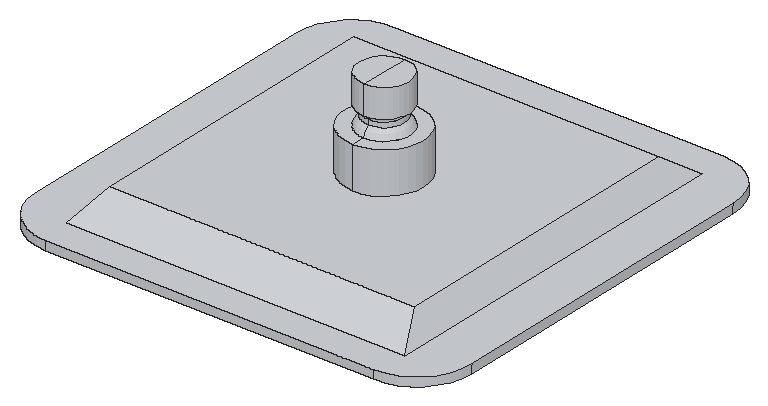
Revit family "BRG-GRF-DCH_ Briggs Reg. Cuad. Slim ABS Cr 20 +ù 20 cm", category Aparatos sanitarios, Revit 2020
Family settings
  Cota de conector redondo = Diámetro de uso
  Tipo de pieza = Normal
  Número OmniClass = 23.45.00.00
  Título OmniClass = Sanitary, Laundry, and Cleaning Equipment
  Se basa en plano de trabajo = No
  Siempre vertical = Sí
  Corte con vacíos al cargar = No
  Compartido = Sí
  Punto de cálculo de habitación = Sí
Parameters (values of type "REGADERA CUADRADA SLIM ABS 20 X 20 CM")
  _EDESA_ Sku/código = "SG0074633061CW"
  _EDESA_ Materiales = "Latón"
  _EDESA_ Garantía = "De por vida para el cuerpo principal y acabado en cromo (306)"
  _EDESA_ Cumple normativa ADA = ""
  _EDESA_ Contacto comercial = "(02) 395 2900"
  _EDESA_ Conexión hidráulica = "Entrada de agua: tubería ø 1/2\""
  _EDESA_ Certificación = "Cumple con norma NTE - INEN 3123 basada en la norma ASME 112.18.1 - 2012."
  _EDESA_ Productos necesarios para instalación = "Brazo de ducha"
  _EDESA_ Productos incluídos = ""
  _EDESA_ Color = "cromo"
  _EDESA_ Descripción = "Regadera de ducha."
  _EDESA_ Peso en kg = "1.8 kg"
  _EDESA_ Consumo/capacidad de agua en L = "9.5 litros por minuto / 2.5 gpm"
  _EDESA_ Distancia de instalación en cm (muro terminado) = "0"
  _EDESA_ Tipo de instalación = "Con brazo de ducha"
  _EDESA_ Profundidad en cm = "20"
  _EDESA_ Categoría = "Productos > Grifería > Ducha"
  _EDESA_ BIM Manager = "Arq. Milton Ruano"
  _EDESA_ Autor BIM = "www.bimplus.com.ec (bimplus.arquitectura.integrada@gmail.com)"
  _EDESA_ Ancho en cm = "20"
  _EDESA_ Alto en cm = "5.8"
  _EDESA_ Manual de Instalación = "https://www.briggs.com.ec/productos/instructivos/Briggs/Griferia/Regadera con brazo.pdf"
  _EDESA_ Nombre = "REGADERA CUADRADA SLIM ABS 20 X 20 CM"
  _ALT_Eje instalación = 0.60 m
  _ALT_Basamento = 0.85 m
  URL = "https://www.briggs.com.ec/Productos/fichastecnicaspdf/Briggs/Griferia/Regadera_cuadrada_slim_ABS_20.pdf"
  Modelo = "REGADERA CUADRADA SLIM ABS 20 X 20 CM"
  Imagen de tipo = <Ninguno>
  Fabricante = "BRIGGS Ecuador"
  Elevación por defecto = 0.00 m
  Conexión de ventilación = yes
  Conexión de residuos = yes
  Conexión AF = yes
  Conexión AC = yes
Reference planes (m)
  plane 1 "Centro (Frontal/Posterior)": y = 0
  plane 2: z = 0
  plane 3 "Centro (Izquierda/Derecha)": x = 0
Dimensions and locks (m)
  aligned and locked: level to plane 2
  aligned and locked: plane 3 "Centro (Izquierda/Derecha)" to nested 1
  aligned and locked: plane 1 "Centro (Frontal/Posterior)" to nested 1
Nested families (m)
  nested 1: "REJILLA" at (0, 0, 0), type "REJILLA"
Connectors (m)
  piping at (0, 0, 0), diameter 0.0127
    settings: on nested 1, index 1, connector inside diameter 609.6 mm, connector length 0.00 m, flow factor 0, pipe flow 0.0 L/s, pressure drop 0.0 Pa, fitting loss kfactor 0, connector angle 0.00°, fixture units 0, engagement length 0.00 m, angle of deflection 0.00°, flow configuration 0, flow direction 1, fitting loss method 0, system type 7, joint type 0, gender type 0, connector reference index -1, connector utility 0, adjustable connector no, is connector primary yes, connector description ""
Definition of nested family "REJILLA"
  Parameters (values of type "REJILLA")
    _EDESA_tipo genérico = "Inodoro"
    _EDESA_URL de ficha técnica = "https://edesa.com.ec/productos/fichastecnicaspdf/Edesa/Sanitarios/Andes.pdf"
    _EDESA_Imagen = 0
    _EDESA_Fábrica nacional = "EDESA Ecuador"
    _EDESA_Código de producto = "JS0022641301CE"
    _EDESA_ Tolerancia dimensional = "± 3% > 20 cm ± 5% < 20 cm"
    _EDESA_ Tipo de montaje / instalación = "30.5 cm"
    _EDESA_ Superficie del agua = "15.5 cm x 18.8 cm"
    _EDESA_ SKU = "JS0022641301CE"
    _EDESA_ Material secundario = "Plástico blanco"
    _EDESA_ Material principal = "Porcelana tono verde mist"
    _EDESA_ Altura = 72.80 m
    _EDESA_ Peso = "23.20 Kg"
    _EDESA_ Nivel mínimo del agua del tanque = "17.5 cm"
    _EDESA_ Largo = 67.50 m
    _EDESA_ Espesor mínimo = "0.6 cm"
    _EDESA_ Diámetro trampa = "4.8 cm"
    _EDESA_ Color = "Blanco"
    _EDESA_ Categoria = "Two pieces"
    _EDESA_ Capacidad / consumo de agua = "4.8 litros"
    _EDESA_ Ancho = 36.50 m
    _EDESA_ Altura de sello = "N/A"
    _ALT_Toma = 0.60 m
    _ALT_Meson = 0.85 m
    URL = "https://edesa.com.ec/productos/fichastecnicaspdf/Edesa/Sanitarios/Andes.pdf"
    Model = "_Edesa_ INODORO ANDES C/A BLANCO"
    Type Image = element 392638
    Manufacturer = "EDESA Ecuador"
    Default Elevation = 0.00 m
    Vent Connection = no
    Waste Connection = no
    CW Connection = no
    HW Connection = no
  Reference planes (m)
    plane 1 "Centro (Frontal/Posterior)": y = 0
    plane 2: z = 0
    plane 3 "Centro (Izquierda/Derecha)": x = 0
    plane 4 "_Alt_Altura de Meson": z = 0.85
    plane 5 "Centro I/E": z = 0.946565
    plane 6 "_RP_Eje": z = 0.6
  Forms (m)
    Revolve 1, solid
      sketch origin (0, 0, 0) x (0, 1, 0) y (0, 0, 1)
        loop
          line (0.018, -0.041) -> (0.018, -0.022) -> (0.011662, -0.022)
          arc (0.011662, -0.022) -> (0.01054, -0.01978) -> (0.009, -0.017825) r 0.0125
          line (0.009, -0.017825) -> (0.009, -0.0155)
          arc (0.009, -0.0155) -> (0.009732, -0.013732) -> (0.0115, -0.013) r 0.0025
          line (0.0115, -0.013) -> (0.0115, 0) -> (0, 0) -> (0, -0.041) -> (0.018, -0.041)
        axis (0, -0.041) -> (0, 0)
      angle from 0 to 360
    SweptBlend 2, solid
      path origin (-0.174116, -0.064, 0) x (-1, 0, 0) y (0, 0, 1)
        loop
          line (-0.110116, -0.059) -> (-0.110116, -0.056)
      profile origin (-0.064, -0.064, -0.059) x (1, 0, 0) y (0, 1, 0)
        loop
          circle (0, 0) r 0.0015
      end profile origin (-0.064, -0.064, -0.056) x (1, 0, 0) y (0, 1, 0)
        loop
          circle (0, 0) r 0.003
    Extrusion 3, solid
      sketch origin (0, 0, 0) x (1, 0, 0) y (0, 1, 0)
        loop
          arc (-0.1, -0.075) -> (-0.092678, -0.092678) -> (-0.075, -0.1) r 0.025
          line (-0.075, -0.1) -> (0.075, -0.1)
          arc (0.075, -0.1) -> (0.092678, -0.092678) -> (0.1, -0.075) r 0.025
          line (0.1, -0.075) -> (0.1, 0.075)
          arc (0.1, 0.075) -> (0.092678, 0.092678) -> (0.075, 0.1) r 0.025
          line (0.075, 0.1) -> (-0.075, 0.1)
          arc (-0.075, 0.1) -> (-0.092678, 0.092678) -> (-0.1, 0.075) r 0.025
          line (-0.1, 0.075) -> (-0.1, -0.075)
      from -0.056 to -0.052
    SweptBlend 4, solid
      path origin (0, 0, 0) x (0, 1, 0) y (0, 0, 1)
        loop
          line (0, -0.052) -> (0, -0.041)
      profile origin (0, 0, -0.052) x (0, -1, 0) y (1, 0, 0)
        loop
          line (0.085, 0.0775) -> (-0.085, 0.0775) -> (-0.085, -0.0775) -> (0.085, -0.0775) -> (0.085, 0.0775)
      end profile origin (0, 0, -0.041) x (0, -1, 0) y (1, 0, 0)
        loop
          line (0.07, -0.07) -> (0.07, 0.07) -> (-0.07, 0.07) -> (-0.07, -0.07) -> (0.07, -0.07)
    SweptBlend 5, solid
      path origin (-0.046116, -0.064, 0) x (-1, 0, 0) y (0, 0, 1)
        loop
          line (-0.110116, -0.059) -> (-0.110116, -0.056)
      profile origin (0.064, -0.064, -0.059) x (1, 0, 0) y (0, 1, 0)
        loop
          circle (0, 0) r 0.0015
      end profile origin (0.064, -0.064, -0.056) x (1, 0, 0) y (0, 1, 0)
        loop
          circle (0, 0) r 0.003
    SweptBlend 6, solid
      path origin (-0.158116, -0.064, 0) x (-1, 0, 0) y (0, 0, 1)
        loop
          line (-0.110116, -0.059) -> (-0.110116, -0.056)
      profile origin (-0.048, -0.064, -0.059) x (1, 0, 0) y (0, 1, 0)
        loop
          circle (0, 0) r 0.0015
      end profile origin (-0.048, -0.064, -0.056) x (1, 0, 0) y (0, 1, 0)
        loop
          circle (0, 0) r 0.003
    SweptBlend 7, solid
      path origin (-0.142116, -0.064, 0) x (-1, 0, 0) y (0, 0, 1)
        loop
          line (-0.110116, -0.059) -> (-0.110116, -0.056)
      profile origin (-0.032, -0.064, -0.059) x (1, 0, 0) y (0, 1, 0)
        loop
          circle (0, 0) r 0.0015
      end profile origin (-0.032, -0.064, -0.056) x (1, 0, 0) y (0, 1, 0)
        loop
          circle (0, 0) r 0.003
    SweptBlend 8, solid
      path origin (-0.126116, -0.064, 0) x (-1, 0, 0) y (0, 0, 1)
        loop
          line (-0.110116, -0.059) -> (-0.110116, -0.056)
      profile origin (-0.016, -0.064, -0.059) x (1, 0, 0) y (0, 1, 0)
        loop
          circle (0, 0) r 0.0015
      end profile origin (-0.016, -0.064, -0.056) x (1, 0, 0) y (0, 1, 0)
        loop
          circle (0, 0) r 0.003
    SweptBlend 9, solid
      path origin (-0.110116, -0.064, 0) x (-1, 0, 0) y (0, 0, 1)
        loop
          line (-0.110116, -0.059) -> (-0.110116, -0.056)
      profile origin (0, -0.064, -0.059) x (1, 0, 0) y (0, 1, 0)
        loop
          circle (0, 0) r 0.0015
      end profile origin (0, -0.064, -0.056) x (1, 0, 0) y (0, 1, 0)
        loop
          circle (0, 0) r 0.003
    SweptBlend 10, solid
      path origin (-0.094116, -0.064, 0) x (-1, 0, 0) y (0, 0, 1)
        loop
          line (-0.110116, -0.059) -> (-0.110116, -0.056)
      profile origin (0.016, -0.064, -0.059) x (1, 0, 0) y (0, 1, 0)
        loop
          circle (0, 0) r 0.0015
      end profile origin (0.016, -0.064, -0.056) x (1, 0, 0) y (0, 1, 0)
        loop
          circle (0, 0) r 0.003
    SweptBlend 11, solid
      path origin (-0.078116, -0.064, 0) x (-1, 0, 0) y (0, 0, 1)
        loop
          line (-0.110116, -0.059) -> (-0.110116, -0.056)
      profile origin (0.032, -0.064, -0.059) x (1, 0, 0) y (0, 1, 0)
        loop
          circle (0, 0) r 0.0015
      end profile origin (0.032, -0.064, -0.056) x (1, 0, 0) y (0, 1, 0)
        loop
          circle (0, 0) r 0.003
    SweptBlend 12, solid
      path origin (-0.062116, -0.064, 0) x (-1, 0, 0) y (0, 0, 1)
        loop
          line (-0.110116, -0.059) -> (-0.110116, -0.056)
      profile origin (0.048, -0.064, -0.059) x (1, 0, 0) y (0, 1, 0)
        loop
          circle (0, 0) r 0.0015
      end profile origin (0.048, -0.064, -0.056) x (1, 0, 0) y (0, 1, 0)
        loop
          circle (0, 0) r 0.003
    SweptBlend 13, solid, not visible
      path origin (-0.174116, -0.064, 0) x (-1, 0, 0) y (0, 0, 1)
        loop
          line (-0.110116, -0.059) -> (-0.110116, -0.056)
      profile origin (-0.064, -0.064, -0.059) x (1, 0, 0) y (0, 1, 0)
        loop
          circle (0, 0) r 0.0015
      end profile origin (-0.064, -0.064, -0.056) x (1, 0, 0) y (0, 1, 0)
        loop
          circle (0, 0) r 0.003
    SweptBlend 14, solid
      path origin (-0.174116, 0.064, 0) x (-1, 0, 0) y (0, 0, 1)
        loop
          line (-0.110116, -0.059) -> (-0.110116, -0.056)
      profile origin (-0.064, 0.064, -0.059) x (1, 0, 0) y (0, 1, 0)
        loop
          circle (0, 0) r 0.0015
      end profile origin (-0.064, 0.064, -0.056) x (1, 0, 0) y (0, 1, 0)
        loop
          circle (0, 0) r 0.003
    SweptBlend 15, solid
      path origin (-0.046116, 0.064, 0) x (-1, 0, 0) y (0, 0, 1)
        loop
          line (-0.110116, -0.059) -> (-0.110116, -0.056)
      profile origin (0.064, 0.064, -0.059) x (1, 0, 0) y (0, 1, 0)
        loop
          circle (0, 0) r 0.0015
      end profile origin (0.064, 0.064, -0.056) x (1, 0, 0) y (0, 1, 0)
        loop
          circle (0, 0) r 0.003
    SweptBlend 16, solid
      path origin (-0.158116, 0.064, 0) x (-1, 0, 0) y (0, 0, 1)
        loop
          line (-0.110116, -0.059) -> (-0.110116, -0.056)
      profile origin (-0.048, 0.064, -0.059) x (1, 0, 0) y (0, 1, 0)
        loop
          circle (0, 0) r 0.0015
      end profile origin (-0.048, 0.064, -0.056) x (1, 0, 0) y (0, 1, 0)
        loop
          circle (0, 0) r 0.003
    SweptBlend 17, solid
      path origin (-0.142116, 0.064, 0) x (-1, 0, 0) y (0, 0, 1)
        loop
          line (-0.110116, -0.059) -> (-0.110116, -0.056)
      profile origin (-0.032, 0.064, -0.059) x (1, 0, 0) y (0, 1, 0)
        loop
          circle (0, 0) r 0.0015
      end profile origin (-0.032, 0.064, -0.056) x (1, 0, 0) y (0, 1, 0)
        loop
          circle (0, 0) r 0.003
    SweptBlend 18, solid
      path origin (-0.126116, 0.064, 0) x (-1, 0, 0) y (0, 0, 1)
        loop
          line (-0.110116, -0.059) -> (-0.110116, -0.056)
      profile origin (-0.016, 0.064, -0.059) x (1, 0, 0) y (0, 1, 0)
        loop
          circle (0, 0) r 0.0015
      end profile origin (-0.016, 0.064, -0.056) x (1, 0, 0) y (0, 1, 0)
        loop
          circle (0, 0) r 0.003
    SweptBlend 19, solid
      path origin (-0.110116, 0.064, 0) x (-1, 0, 0) y (0, 0, 1)
        loop
          line (-0.110116, -0.059) -> (-0.110116, -0.056)
      profile origin (0, 0.064, -0.059) x (1, 0, 0) y (0, 1, 0)
        loop
          circle (0, 0) r 0.0015
      end profile origin (0, 0.064, -0.056) x (1, 0, 0) y (0, 1, 0)
        loop
          circle (0, 0) r 0.003
    SweptBlend 20, solid
      path origin (-0.094116, 0.064, 0) x (-1, 0, 0) y (0, 0, 1)
        loop
          line (-0.110116, -0.059) -> (-0.110116, -0.056)
      profile origin (0.016, 0.064, -0.059) x (1, 0, 0) y (0, 1, 0)
        loop
          circle (0, 0) r 0.0015
      end profile origin (0.016, 0.064, -0.056) x (1, 0, 0) y (0, 1, 0)
        loop
          circle (0, 0) r 0.003
    SweptBlend 21, solid
      path origin (-0.078116, 0.064, 0) x (-1, 0, 0) y (0, 0, 1)
        loop
          line (-0.110116, -0.059) -> (-0.110116, -0.056)
      profile origin (0.032, 0.064, -0.059) x (1, 0, 0) y (0, 1, 0)
        loop
          circle (0, 0) r 0.0015
      end profile origin (0.032, 0.064, -0.056) x (1, 0, 0) y (0, 1, 0)
        loop
          circle (0, 0) r 0.003
    SweptBlend 22, solid
      path origin (-0.062116, 0.064, 0) x (-1, 0, 0) y (0, 0, 1)
        loop
          line (-0.110116, -0.059) -> (-0.110116, -0.056)
      profile origin (0.048, 0.064, -0.059) x (1, 0, 0) y (0, 1, 0)
        loop
          circle (0, 0) r 0.0015
      end profile origin (0.048, 0.064, -0.056) x (1, 0, 0) y (0, 1, 0)
        loop
          circle (0, 0) r 0.003
    SweptBlend 23, solid
      path origin (-0.174116, -0.048, 0) x (-1, 0, 0) y (0, 0, 1)
        loop
          line (-0.110116, -0.059) -> (-0.110116, -0.056)
      profile origin (-0.064, -0.048, -0.059) x (1, 0, 0) y (0, 1, 0)
        loop
          circle (0, 0) r 0.0015
      end profile origin (-0.064, -0.048, -0.056) x (1, 0, 0) y (0, 1, 0)
        loop
          circle (0, 0) r 0.003
    SweptBlend 24, solid
      path origin (-0.046116, -0.048, 0) x (-1, 0, 0) y (0, 0, 1)
        loop
          line (-0.110116, -0.059) -> (-0.110116, -0.056)
      profile origin (0.064, -0.048, -0.059) x (1, 0, 0) y (0, 1, 0)
        loop
          circle (0, 0) r 0.0015
      end profile origin (0.064, -0.048, -0.056) x (1, 0, 0) y (0, 1, 0)
        loop
          circle (0, 0) r 0.003
    SweptBlend 25, solid
      path origin (-0.158116, -0.048, 0) x (-1, 0, 0) y (0, 0, 1)
        loop
          line (-0.110116, -0.059) -> (-0.110116, -0.056)
      profile origin (-0.048, -0.048, -0.059) x (1, 0, 0) y (0, 1, 0)
        loop
          circle (0, 0) r 0.0015
      end profile origin (-0.048, -0.048, -0.056) x (1, 0, 0) y (0, 1, 0)
        loop
          circle (0, 0) r 0.003
    SweptBlend 26, solid
      path origin (-0.142116, -0.048, 0) x (-1, 0, 0) y (0, 0, 1)
        loop
          line (-0.110116, -0.059) -> (-0.110116, -0.056)
      profile origin (-0.032, -0.048, -0.059) x (1, 0, 0) y (0, 1, 0)
        loop
          circle (0, 0) r 0.0015
      end profile origin (-0.032, -0.048, -0.056) x (1, 0, 0) y (0, 1, 0)
        loop
          circle (0, 0) r 0.003
    SweptBlend 27, solid
      path origin (-0.126116, -0.048, 0) x (-1, 0, 0) y (0, 0, 1)
        loop
          line (-0.110116, -0.059) -> (-0.110116, -0.056)
      profile origin (-0.016, -0.048, -0.059) x (1, 0, 0) y (0, 1, 0)
        loop
          circle (0, 0) r 0.0015
      end profile origin (-0.016, -0.048, -0.056) x (1, 0, 0) y (0, 1, 0)
        loop
          circle (0, 0) r 0.003
    SweptBlend 28, solid
      path origin (-0.110116, -0.048, 0) x (-1, 0, 0) y (0, 0, 1)
        loop
          line (-0.110116, -0.059) -> (-0.110116, -0.056)
      profile origin (0, -0.048, -0.059) x (1, 0, 0) y (0, 1, 0)
        loop
          circle (0, 0) r 0.0015
      end profile origin (0, -0.048, -0.056) x (1, 0, 0) y (0, 1, 0)
        loop
          circle (0, 0) r 0.003
    SweptBlend 29, solid
      path origin (-0.094116, -0.048, 0) x (-1, 0, 0) y (0, 0, 1)
        loop
          line (-0.110116, -0.059) -> (-0.110116, -0.056)
      profile origin (0.016, -0.048, -0.059) x (1, 0, 0) y (0, 1, 0)
        loop
          circle (0, 0) r 0.0015
      end profile origin (0.016, -0.048, -0.056) x (1, 0, 0) y (0, 1, 0)
        loop
          circle (0, 0) r 0.003
    SweptBlend 30, solid
      path origin (-0.078116, -0.048, 0) x (-1, 0, 0) y (0, 0, 1)
        loop
          line (-0.110116, -0.059) -> (-0.110116, -0.056)
      profile origin (0.032, -0.048, -0.059) x (1, 0, 0) y (0, 1, 0)
        loop
          circle (0, 0) r 0.0015
      end profile origin (0.032, -0.048, -0.056) x (1, 0, 0) y (0, 1, 0)
        loop
          circle (0, 0) r 0.003
    SweptBlend 31, solid
      path origin (-0.062116, -0.048, 0) x (-1, 0, 0) y (0, 0, 1)
        loop
          line (-0.110116, -0.059) -> (-0.110116, -0.056)
      profile origin (0.048, -0.048, -0.059) x (1, 0, 0) y (0, 1, 0)
        loop
          circle (0, 0) r 0.0015
      end profile origin (0.048, -0.048, -0.056) x (1, 0, 0) y (0, 1, 0)
        loop
          circle (0, 0) r 0.003
    SweptBlend 32, solid
      path origin (-0.174116, -0.032, 0) x (-1, 0, 0) y (0, 0, 1)
        loop
          line (-0.110116, -0.059) -> (-0.110116, -0.056)
      profile origin (-0.064, -0.032, -0.059) x (1, 0, 0) y (0, 1, 0)
        loop
          circle (0, 0) r 0.0015
      end profile origin (-0.064, -0.032, -0.056) x (1, 0, 0) y (0, 1, 0)
        loop
          circle (0, 0) r 0.003
    SweptBlend 33, solid
      path origin (-0.046116, -0.032, 0) x (-1, 0, 0) y (0, 0, 1)
        loop
          line (-0.110116, -0.059) -> (-0.110116, -0.056)
      profile origin (0.064, -0.032, -0.059) x (1, 0, 0) y (0, 1, 0)
        loop
          circle (0, 0) r 0.0015
      end profile origin (0.064, -0.032, -0.056) x (1, 0, 0) y (0, 1, 0)
        loop
          circle (0, 0) r 0.003
    SweptBlend 34, solid
      path origin (-0.158116, -0.032, 0) x (-1, 0, 0) y (0, 0, 1)
        loop
          line (-0.110116, -0.059) -> (-0.110116, -0.056)
      profile origin (-0.048, -0.032, -0.059) x (1, 0, 0) y (0, 1, 0)
        loop
          circle (0, 0) r 0.0015
      end profile origin (-0.048, -0.032, -0.056) x (1, 0, 0) y (0, 1, 0)
        loop
          circle (0, 0) r 0.003
    SweptBlend 35, solid
      path origin (-0.142116, -0.032, 0) x (-1, 0, 0) y (0, 0, 1)
        loop
          line (-0.110116, -0.059) -> (-0.110116, -0.056)
      profile origin (-0.032, -0.032, -0.059) x (1, 0, 0) y (0, 1, 0)
        loop
          circle (0, 0) r 0.0015
      end profile origin (-0.032, -0.032, -0.056) x (1, 0, 0) y (0, 1, 0)
        loop
          circle (0, 0) r 0.003
    SweptBlend 36, solid
      path origin (-0.126116, -0.032, 0) x (-1, 0, 0) y (0, 0, 1)
        loop
          line (-0.110116, -0.059) -> (-0.110116, -0.056)
      profile origin (-0.016, -0.032, -0.059) x (1, 0, 0) y (0, 1, 0)
        loop
          circle (0, 0) r 0.0015
      end profile origin (-0.016, -0.032, -0.056) x (1, 0, 0) y (0, 1, 0)
        loop
          circle (0, 0) r 0.003
    SweptBlend 37, solid
      path origin (-0.110116, -0.032, 0) x (-1, 0, 0) y (0, 0, 1)
        loop
          line (-0.110116, -0.059) -> (-0.110116, -0.056)
      profile origin (0, -0.032, -0.059) x (1, 0, 0) y (0, 1, 0)
        loop
          circle (0, 0) r 0.0015
      end profile origin (0, -0.032, -0.056) x (1, 0, 0) y (0, 1, 0)
        loop
          circle (0, 0) r 0.003
    SweptBlend 38, solid
      path origin (-0.094116, -0.032, 0) x (-1, 0, 0) y (0, 0, 1)
        loop
          line (-0.110116, -0.059) -> (-0.110116, -0.056)
      profile origin (0.016, -0.032, -0.059) x (1, 0, 0) y (0, 1, 0)
        loop
          circle (0, 0) r 0.0015
      end profile origin (0.016, -0.032, -0.056) x (1, 0, 0) y (0, 1, 0)
        loop
          circle (0, 0) r 0.003
    SweptBlend 39, solid
      path origin (-0.078116, -0.032, 0) x (-1, 0, 0) y (0, 0, 1)
        loop
          line (-0.110116, -0.059) -> (-0.110116, -0.056)
      profile origin (0.032, -0.032, -0.059) x (1, 0, 0) y (0, 1, 0)
        loop
          circle (0, 0) r 0.0015
      end profile origin (0.032, -0.032, -0.056) x (1, 0, 0) y (0, 1, 0)
        loop
          circle (0, 0) r 0.003
    SweptBlend 40, solid
      path origin (-0.062116, -0.032, 0) x (-1, 0, 0) y (0, 0, 1)
        loop
          line (-0.110116, -0.059) -> (-0.110116, -0.056)
      profile origin (0.048, -0.032, -0.059) x (1, 0, 0) y (0, 1, 0)
        loop
          circle (0, 0) r 0.0015
      end profile origin (0.048, -0.032, -0.056) x (1, 0, 0) y (0, 1, 0)
        loop
          circle (0, 0) r 0.003
    SweptBlend 41, solid
      path origin (-0.174116, -0.016, 0) x (-1, 0, 0) y (0, 0, 1)
        loop
          line (-0.110116, -0.059) -> (-0.110116, -0.056)
      profile origin (-0.064, -0.016, -0.059) x (1, 0, 0) y (0, 1, 0)
        loop
          circle (0, 0) r 0.0015
      end profile origin (-0.064, -0.016, -0.056) x (1, 0, 0) y (0, 1, 0)
        loop
          circle (0, 0) r 0.003
    SweptBlend 42, solid
      path origin (-0.046116, -0.016, 0) x (-1, 0, 0) y (0, 0, 1)
        loop
          line (-0.110116, -0.059) -> (-0.110116, -0.056)
      profile origin (0.064, -0.016, -0.059) x (1, 0, 0) y (0, 1, 0)
        loop
          circle (0, 0) r 0.0015
      end profile origin (0.064, -0.016, -0.056) x (1, 0, 0) y (0, 1, 0)
        loop
          circle (0, 0) r 0.003
    SweptBlend 43, solid
      path origin (-0.158116, -0.016, 0) x (-1, 0, 0) y (0, 0, 1)
        loop
          line (-0.110116, -0.059) -> (-0.110116, -0.056)
      profile origin (-0.048, -0.016, -0.059) x (1, 0, 0) y (0, 1, 0)
        loop
          circle (0, 0) r 0.0015
      end profile origin (-0.048, -0.016, -0.056) x (1, 0, 0) y (0, 1, 0)
        loop
          circle (0, 0) r 0.003
    SweptBlend 44, solid
      path origin (-0.142116, -0.016, 0) x (-1, 0, 0) y (0, 0, 1)
        loop
          line (-0.110116, -0.059) -> (-0.110116, -0.056)
      profile origin (-0.032, -0.016, -0.059) x (1, 0, 0) y (0, 1, 0)
        loop
          circle (0, 0) r 0.0015
      end profile origin (-0.032, -0.016, -0.056) x (1, 0, 0) y (0, 1, 0)
        loop
          circle (0, 0) r 0.003
    SweptBlend 45, solid
      path origin (-0.126116, -0.016, 0) x (-1, 0, 0) y (0, 0, 1)
        loop
          line (-0.110116, -0.059) -> (-0.110116, -0.056)
      profile origin (-0.016, -0.016, -0.059) x (1, 0, 0) y (0, 1, 0)
        loop
          circle (0, 0) r 0.0015
      end profile origin (-0.016, -0.016, -0.056) x (1, 0, 0) y (0, 1, 0)
        loop
          circle (0, 0) r 0.003
    SweptBlend 46, solid
      path origin (-0.110116, -0.016, 0) x (-1, 0, 0) y (0, 0, 1)
        loop
          line (-0.110116, -0.059) -> (-0.110116, -0.056)
      profile origin (0, -0.016, -0.059) x (1, 0, 0) y (0, 1, 0)
        loop
          circle (0, 0) r 0.0015
      end profile origin (0, -0.016, -0.056) x (1, 0, 0) y (0, 1, 0)
        loop
          circle (0, 0) r 0.003
    SweptBlend 47, solid
      path origin (-0.094116, -0.016, 0) x (-1, 0, 0) y (0, 0, 1)
        loop
          line (-0.110116, -0.059) -> (-0.110116, -0.056)
      profile origin (0.016, -0.016, -0.059) x (1, 0, 0) y (0, 1, 0)
        loop
          circle (0, 0) r 0.0015
      end profile origin (0.016, -0.016, -0.056) x (1, 0, 0) y (0, 1, 0)
        loop
          circle (0, 0) r 0.003
    SweptBlend 48, solid
      path origin (-0.078116, -0.016, 0) x (-1, 0, 0) y (0, 0, 1)
        loop
          line (-0.110116, -0.059) -> (-0.110116, -0.056)
      profile origin (0.032, -0.016, -0.059) x (1, 0, 0) y (0, 1, 0)
        loop
          circle (0, 0) r 0.0015
      end profile origin (0.032, -0.016, -0.056) x (1, 0, 0) y (0, 1, 0)
        loop
          circle (0, 0) r 0.003
    SweptBlend 49, solid
      path origin (-0.062116, -0.016, 0) x (-1, 0, 0) y (0, 0, 1)
        loop
          line (-0.110116, -0.059) -> (-0.110116, -0.056)
      profile origin (0.048, -0.016, -0.059) x (1, 0, 0) y (0, 1, 0)
        loop
          circle (0, 0) r 0.0015
      end profile origin (0.048, -0.016, -0.056) x (1, 0, 0) y (0, 1, 0)
        loop
          circle (0, 0) r 0.003
    SweptBlend 50, solid
      path origin (-0.174116, 0, 0) x (-1, 0, 0) y (0, 0, 1)
        loop
          line (-0.110116, -0.059) -> (-0.110116, -0.056)
      profile origin (-0.064, 0, -0.059) x (1, 0, 0) y (0, 1, 0)
        loop
          circle (0, 0) r 0.0015
      end profile origin (-0.064, 0, -0.056) x (1, 0, 0) y (0, 1, 0)
        loop
          circle (0, 0) r 0.003
    SweptBlend 51, solid
      path origin (-0.046116, 0, 0) x (-1, 0, 0) y (0, 0, 1)
        loop
          line (-0.110116, -0.059) -> (-0.110116, -0.056)
      profile origin (0.064, 0, -0.059) x (1, 0, 0) y (0, 1, 0)
        loop
          circle (0, 0) r 0.0015
      end profile origin (0.064, 0, -0.056) x (1, 0, 0) y (0, 1, 0)
        loop
          circle (0, 0) r 0.003
    SweptBlend 52, solid
      path origin (-0.158116, 0, 0) x (-1, 0, 0) y (0, 0, 1)
        loop
          line (-0.110116, -0.059) -> (-0.110116, -0.056)
      profile origin (-0.048, 0, -0.059) x (1, 0, 0) y (0, 1, 0)
        loop
          circle (0, 0) r 0.0015
      end profile origin (-0.048, 0, -0.056) x (1, 0, 0) y (0, 1, 0)
        loop
          circle (0, 0) r 0.003
    SweptBlend 53, solid
      path origin (-0.142116, 0, 0) x (-1, 0, 0) y (0, 0, 1)
        loop
          line (-0.110116, -0.059) -> (-0.110116, -0.056)
      profile origin (-0.032, 0, -0.059) x (1, 0, 0) y (0, 1, 0)
        loop
          circle (0, 0) r 0.0015
      end profile origin (-0.032, 0, -0.056) x (1, 0, 0) y (0, 1, 0)
        loop
          circle (0, 0) r 0.003
    SweptBlend 54, solid
      path origin (-0.126116, 0, 0) x (-1, 0, 0) y (0, 0, 1)
        loop
          line (-0.110116, -0.059) -> (-0.110116, -0.056)
      profile origin (-0.016, 0, -0.059) x (1, 0, 0) y (0, 1, 0)
        loop
          circle (0, 0) r 0.0015
      end profile origin (-0.016, 0, -0.056) x (1, 0, 0) y (0, 1, 0)
        loop
          circle (0, 0) r 0.003
    SweptBlend 55, solid
      path origin (-0.110116, 0, 0) x (-1, 0, 0) y (0, 0, 1)
        loop
          line (-0.110116, -0.059) -> (-0.110116, -0.056)
      profile origin (0, 0, -0.059) x (1, 0, 0) y (0, 1, 0)
        loop
          circle (0, 0) r 0.0015
      end profile origin (0, 0, -0.056) x (1, 0, 0) y (0, 1, 0)
        loop
          circle (0, 0) r 0.003
    SweptBlend 56, solid
      path origin (-0.094116, 0, 0) x (-1, 0, 0) y (0, 0, 1)
        loop
          line (-0.110116, -0.059) -> (-0.110116, -0.056)
      profile origin (0.016, 0, -0.059) x (1, 0, 0) y (0, 1, 0)
        loop
          circle (0, 0) r 0.0015
      end profile origin (0.016, 0, -0.056) x (1, 0, 0) y (0, 1, 0)
        loop
          circle (0, 0) r 0.003
    SweptBlend 57, solid
      path origin (-0.078116, 0, 0) x (-1, 0, 0) y (0, 0, 1)
        loop
          line (-0.110116, -0.059) -> (-0.110116, -0.056)
      profile origin (0.032, 0, -0.059) x (1, 0, 0) y (0, 1, 0)
        loop
          circle (0, 0) r 0.0015
      end profile origin (0.032, 0, -0.056) x (1, 0, 0) y (0, 1, 0)
        loop
          circle (0, 0) r 0.003
    SweptBlend 58, solid
      path origin (-0.062116, 0, 0) x (-1, 0, 0) y (0, 0, 1)
        loop
          line (-0.110116, -0.059) -> (-0.110116, -0.056)
      profile origin (0.048, 0, -0.059) x (1, 0, 0) y (0, 1, 0)
        loop
          circle (0, 0) r 0.0015
      end profile origin (0.048, 0, -0.056) x (1, 0, 0) y (0, 1, 0)
        loop
          circle (0, 0) r 0.003
    SweptBlend 59, solid
      path origin (-0.174116, 0.016, 0) x (-1, 0, 0) y (0, 0, 1)
        loop
          line (-0.110116, -0.059) -> (-0.110116, -0.056)
      profile origin (-0.064, 0.016, -0.059) x (1, 0, 0) y (0, 1, 0)
        loop
          circle (0, 0) r 0.0015
      end profile origin (-0.064, 0.016, -0.056) x (1, 0, 0) y (0, 1, 0)
        loop
          circle (0, 0) r 0.003
    SweptBlend 60, solid
      path origin (-0.046116, 0.016, 0) x (-1, 0, 0) y (0, 0, 1)
        loop
          line (-0.110116, -0.059) -> (-0.110116, -0.056)
      profile origin (0.064, 0.016, -0.059) x (1, 0, 0) y (0, 1, 0)
        loop
          circle (0, 0) r 0.0015
      end profile origin (0.064, 0.016, -0.056) x (1, 0, 0) y (0, 1, 0)
        loop
          circle (0, 0) r 0.003
    SweptBlend 61, solid
      path origin (-0.158116, 0.016, 0) x (-1, 0, 0) y (0, 0, 1)
        loop
          line (-0.110116, -0.059) -> (-0.110116, -0.056)
      profile origin (-0.048, 0.016, -0.059) x (1, 0, 0) y (0, 1, 0)
        loop
          circle (0, 0) r 0.0015
      end profile origin (-0.048, 0.016, -0.056) x (1, 0, 0) y (0, 1, 0)
        loop
          circle (0, 0) r 0.003
    SweptBlend 62, solid
      path origin (-0.142116, 0.016, 0) x (-1, 0, 0) y (0, 0, 1)
        loop
          line (-0.110116, -0.059) -> (-0.110116, -0.056)
      profile origin (-0.032, 0.016, -0.059) x (1, 0, 0) y (0, 1, 0)
        loop
          circle (0, 0) r 0.0015
      end profile origin (-0.032, 0.016, -0.056) x (1, 0, 0) y (0, 1, 0)
        loop
          circle (0, 0) r 0.003
    SweptBlend 63, solid
      path origin (-0.126116, 0.016, 0) x (-1, 0, 0) y (0, 0, 1)
        loop
          line (-0.110116, -0.059) -> (-0.110116, -0.056)
      profile origin (-0.016, 0.016, -0.059) x (1, 0, 0) y (0, 1, 0)
        loop
          circle (0, 0) r 0.0015
      end profile origin (-0.016, 0.016, -0.056) x (1, 0, 0) y (0, 1, 0)
        loop
          circle (0, 0) r 0.003
    SweptBlend 64, solid
      path origin (-0.110116, 0.016, 0) x (-1, 0, 0) y (0, 0, 1)
        loop
          line (-0.110116, -0.059) -> (-0.110116, -0.056)
      profile origin (0, 0.016, -0.059) x (1, 0, 0) y (0, 1, 0)
        loop
          circle (0, 0) r 0.0015
      end profile origin (0, 0.016, -0.056) x (1, 0, 0) y (0, 1, 0)
        loop
          circle (0, 0) r 0.003
    SweptBlend 65, solid
      path origin (-0.094116, 0.016, 0) x (-1, 0, 0) y (0, 0, 1)
        loop
          line (-0.110116, -0.059) -> (-0.110116, -0.056)
      profile origin (0.016, 0.016, -0.059) x (1, 0, 0) y (0, 1, 0)
        loop
          circle (0, 0) r 0.0015
      end profile origin (0.016, 0.016, -0.056) x (1, 0, 0) y (0, 1, 0)
        loop
          circle (0, 0) r 0.003
    SweptBlend 66, solid
      path origin (-0.078116, 0.016, 0) x (-1, 0, 0) y (0, 0, 1)
        loop
          line (-0.110116, -0.059) -> (-0.110116, -0.056)
      profile origin (0.032, 0.016, -0.059) x (1, 0, 0) y (0, 1, 0)
        loop
          circle (0, 0) r 0.0015
      end profile origin (0.032, 0.016, -0.056) x (1, 0, 0) y (0, 1, 0)
        loop
          circle (0, 0) r 0.003
    SweptBlend 67, solid
      path origin (-0.062116, 0.016, 0) x (-1, 0, 0) y (0, 0, 1)
        loop
          line (-0.110116, -0.059) -> (-0.110116, -0.056)
      profile origin (0.048, 0.016, -0.059) x (1, 0, 0) y (0, 1, 0)
        loop
          circle (0, 0) r 0.0015
      end profile origin (0.048, 0.016, -0.056) x (1, 0, 0) y (0, 1, 0)
        loop
          circle (0, 0) r 0.003
    SweptBlend 68, solid
      path origin (-0.174116, 0.032, 0) x (-1, 0, 0) y (0, 0, 1)
        loop
          line (-0.110116, -0.059) -> (-0.110116, -0.056)
      profile origin (-0.064, 0.032, -0.059) x (1, 0, 0) y (0, 1, 0)
        loop
          circle (0, 0) r 0.0015
      end profile origin (-0.064, 0.032, -0.056) x (1, 0, 0) y (0, 1, 0)
        loop
          circle (0, 0) r 0.003
    SweptBlend 69, solid
      path origin (-0.046116, 0.032, 0) x (-1, 0, 0) y (0, 0, 1)
        loop
          line (-0.110116, -0.059) -> (-0.110116, -0.056)
      profile origin (0.064, 0.032, -0.059) x (1, 0, 0) y (0, 1, 0)
        loop
          circle (0, 0) r 0.0015
      end profile origin (0.064, 0.032, -0.056) x (1, 0, 0) y (0, 1, 0)
        loop
          circle (0, 0) r 0.003
    SweptBlend 70, solid
      path origin (-0.158116, 0.032, 0) x (-1, 0, 0) y (0, 0, 1)
        loop
          line (-0.110116, -0.059) -> (-0.110116, -0.056)
      profile origin (-0.048, 0.032, -0.059) x (1, 0, 0) y (0, 1, 0)
        loop
          circle (0, 0) r 0.0015
      end profile origin (-0.048, 0.032, -0.056) x (1, 0, 0) y (0, 1, 0)
        loop
          circle (0, 0) r 0.003
    SweptBlend 71, solid
      path origin (-0.142116, 0.032, 0) x (-1, 0, 0) y (0, 0, 1)
        loop
          line (-0.110116, -0.059) -> (-0.110116, -0.056)
      profile origin (-0.032, 0.032, -0.059) x (1, 0, 0) y (0, 1, 0)
        loop
          circle (0, 0) r 0.0015
      end profile origin (-0.032, 0.032, -0.056) x (1, 0, 0) y (0, 1, 0)
        loop
          circle (0, 0) r 0.003
    SweptBlend 72, solid
      path origin (-0.126116, 0.032, 0) x (-1, 0, 0) y (0, 0, 1)
        loop
          line (-0.110116, -0.059) -> (-0.110116, -0.056)
      profile origin (-0.016, 0.032, -0.059) x (1, 0, 0) y (0, 1, 0)
        loop
          circle (0, 0) r 0.0015
      end profile origin (-0.016, 0.032, -0.056) x (1, 0, 0) y (0, 1, 0)
        loop
          circle (0, 0) r 0.003
    SweptBlend 73, solid
      path origin (-0.110116, 0.032, 0) x (-1, 0, 0) y (0, 0, 1)
        loop
          line (-0.110116, -0.059) -> (-0.110116, -0.056)
      profile origin (0, 0.032, -0.059) x (1, 0, 0) y (0, 1, 0)
        loop
          circle (0, 0) r 0.0015
      end profile origin (0, 0.032, -0.056) x (1, 0, 0) y (0, 1, 0)
        loop
          circle (0, 0) r 0.003
    SweptBlend 74, solid
      path origin (-0.094116, 0.032, 0) x (-1, 0, 0) y (0, 0, 1)
        loop
          line (-0.110116, -0.059) -> (-0.110116, -0.056)
      profile origin (0.016, 0.032, -0.059) x (1, 0, 0) y (0, 1, 0)
        loop
          circle (0, 0) r 0.0015
      end profile origin (0.016, 0.032, -0.056) x (1, 0, 0) y (0, 1, 0)
        loop
          circle (0, 0) r 0.003
    SweptBlend 75, solid
      path origin (-0.078116, 0.032, 0) x (-1, 0, 0) y (0, 0, 1)
        loop
          line (-0.110116, -0.059) -> (-0.110116, -0.056)
      profile origin (0.032, 0.032, -0.059) x (1, 0, 0) y (0, 1, 0)
        loop
          circle (0, 0) r 0.0015
      end profile origin (0.032, 0.032, -0.056) x (1, 0, 0) y (0, 1, 0)
        loop
          circle (0, 0) r 0.003
    SweptBlend 76, solid
      path origin (-0.062116, 0.032, 0) x (-1, 0, 0) y (0, 0, 1)
        loop
          line (-0.110116, -0.059) -> (-0.110116, -0.056)
      profile origin (0.048, 0.032, -0.059) x (1, 0, 0) y (0, 1, 0)
        loop
          circle (0, 0) r 0.0015
      end profile origin (0.048, 0.032, -0.056) x (1, 0, 0) y (0, 1, 0)
        loop
          circle (0, 0) r 0.003
    SweptBlend 77, solid
      path origin (-0.174116, 0.048, 0) x (-1, 0, 0) y (0, 0, 1)
        loop
          line (-0.110116, -0.059) -> (-0.110116, -0.056)
      profile origin (-0.064, 0.048, -0.059) x (1, 0, 0) y (0, 1, 0)
        loop
          circle (0, 0) r 0.0015
      end profile origin (-0.064, 0.048, -0.056) x (1, 0, 0) y (0, 1, 0)
        loop
          circle (0, 0) r 0.003
    SweptBlend 78, solid
      path origin (-0.046116, 0.048, 0) x (-1, 0, 0) y (0, 0, 1)
        loop
          line (-0.110116, -0.059) -> (-0.110116, -0.056)
      profile origin (0.064, 0.048, -0.059) x (1, 0, 0) y (0, 1, 0)
        loop
          circle (0, 0) r 0.0015
      end profile origin (0.064, 0.048, -0.056) x (1, 0, 0) y (0, 1, 0)
        loop
          circle (0, 0) r 0.003
    SweptBlend 79, solid
      path origin (-0.158116, 0.048, 0) x (-1, 0, 0) y (0, 0, 1)
        loop
          line (-0.110116, -0.059) -> (-0.110116, -0.056)
      profile origin (-0.048, 0.048, -0.059) x (1, 0, 0) y (0, 1, 0)
        loop
          circle (0, 0) r 0.0015
      end profile origin (-0.048, 0.048, -0.056) x (1, 0, 0) y (0, 1, 0)
        loop
          circle (0, 0) r 0.003
    SweptBlend 80, solid
      path origin (-0.142116, 0.048, 0) x (-1, 0, 0) y (0, 0, 1)
        loop
          line (-0.110116, -0.059) -> (-0.110116, -0.056)
      profile origin (-0.032, 0.048, -0.059) x (1, 0, 0) y (0, 1, 0)
        loop
          circle (0, 0) r 0.0015
      end profile origin (-0.032, 0.048, -0.056) x (1, 0, 0) y (0, 1, 0)
        loop
          circle (0, 0) r 0.003
    SweptBlend 81, solid
      path origin (-0.126116, 0.048, 0) x (-1, 0, 0) y (0, 0, 1)
        loop
          line (-0.110116, -0.059) -> (-0.110116, -0.056)
      profile origin (-0.016, 0.048, -0.059) x (1, 0, 0) y (0, 1, 0)
        loop
          circle (0, 0) r 0.0015
      end profile origin (-0.016, 0.048, -0.056) x (1, 0, 0) y (0, 1, 0)
        loop
          circle (0, 0) r 0.003
    SweptBlend 82, solid
      path origin (-0.110116, 0.048, 0) x (-1, 0, 0) y (0, 0, 1)
        loop
          line (-0.110116, -0.059) -> (-0.110116, -0.056)
      profile origin (0, 0.048, -0.059) x (1, 0, 0) y (0, 1, 0)
        loop
          circle (0, 0) r 0.0015
      end profile origin (0, 0.048, -0.056) x (1, 0, 0) y (0, 1, 0)
        loop
          circle (0, 0) r 0.003
    SweptBlend 83, solid
      path origin (-0.094116, 0.048, 0) x (-1, 0, 0) y (0, 0, 1)
        loop
          line (-0.110116, -0.059) -> (-0.110116, -0.056)
      profile origin (0.016, 0.048, -0.059) x (1, 0, 0) y (0, 1, 0)
        loop
          circle (0, 0) r 0.0015
      end profile origin (0.016, 0.048, -0.056) x (1, 0, 0) y (0, 1, 0)
        loop
          circle (0, 0) r 0.003
    SweptBlend 84, solid
      path origin (-0.078116, 0.048, 0) x (-1, 0, 0) y (0, 0, 1)
        loop
          line (-0.110116, -0.059) -> (-0.110116, -0.056)
      profile origin (0.032, 0.048, -0.059) x (1, 0, 0) y (0, 1, 0)
        loop
          circle (0, 0) r 0.0015
      end profile origin (0.032, 0.048, -0.056) x (1, 0, 0) y (0, 1, 0)
        loop
          circle (0, 0) r 0.003
    SweptBlend 85, solid
      path origin (-0.062116, 0.048, 0) x (-1, 0, 0) y (0, 0, 1)
        loop
          line (-0.110116, -0.059) -> (-0.110116, -0.056)
      profile origin (0.048, 0.048, -0.059) x (1, 0, 0) y (0, 1, 0)
        loop
          circle (0, 0) r 0.0015
      end profile origin (0.048, 0.048, -0.056) x (1, 0, 0) y (0, 1, 0)
        loop
          circle (0, 0) r 0.003
  Dimensions and locks (m)
    plane 4 "_Alt_Altura de Meson" to level = 0.85 m
    "_ALT_Toma": plane 6 "_RP_Eje" to plane 2
    "_ALT_Meson": plane 4 "_Alt_Altura de Meson" to plane 2
    equal spacing: group 1, group 3, group 4, group 5, group 6, group 7, group 8, group 9, group 2  (x3)
    equal spacing: group 12, group 14, group 15, group 16, group 17, group 18, group 19, group 20, group 13  (x3)
    equal spacing: group 10, group 31, group 41, group 51, group 61, group 71, group 81, group 91, group 21  (x3)
    equal spacing: group 22, group 24, group 25, group 26, group 27, group 28, group 29, group 30, group 23  (x3)
    equal spacing: group 32, group 34, group 35, group 36, group 37, group 38, group 39, group 40, group 33  (x3)
    equal spacing: group 42, group 44, group 45, group 46, group 47, group 48, group 49, group 50, group 43  (x3)
    equal spacing: group 52, group 54, group 55, group 56, group 57, group 58, group 59, group 60, group 53  (x3)
    equal spacing: group 62, group 64, group 65, group 66, group 67, group 68, group 69, group 70, group 63  (x3)
    equal spacing: group 72, group 74, group 75, group 76, group 77, group 78, group 79, group 80, group 73  (x3)
    equal spacing: group 82, group 84, group 85, group 86, group 87, group 88, group 89, group 90, group 83  (x3)
    aligned and locked: level to plane 2
  Automatic sketch dimensions
    Revolve 1 sketch curve to plane 1 "Centro (Frontal/Posterior)" = 0.00 m  (x3)
    Revolve 1 sketch curve to level = 0.00 m
    Revolve 1 sketch curve to plane 1 "Centro (Frontal/Posterior)" = 0.009 m
    Revolve 1 sketch curve to Revolve 1 sketch curve = 0.0025 m
    Revolve 1 sketch curve to Revolve 1 sketch curve = 0.002662 m
    Revolve 1 sketch curve to Revolve 1 sketch curve = 0.006338 m
    Revolve 1 sketch curve to Revolve 1 sketch curve = 0.0145 m
    Revolve 1 sketch curve to Revolve 1 sketch curve = 0.0045 m
    Revolve 1 sketch curve to Revolve 1 sketch curve = 0.002325 m
    Revolve 1 sketch curve to Revolve 1 sketch curve = 0.0265 m
    level to Revolve 1 sketch curve = 0.115 m
    Revolve 1 sketch curve to Revolve 1 sketch curve = 0.05 m
    SweptBlend 2 sketch curve to SweptBlend 2 sketch curve = 0.003 m
    SweptBlend 2 sketch curve to profile plane = 0.00 m  (x4)
    Extrusion 3 sketch curve to plane 3 "Centro (Izquierda/Derecha)" = 0.10 m
    Extrusion 3 sketch curve to Extrusion 3 sketch curve = 0.025 m  (x4)
    Extrusion 3 sketch curve to plane 1 "Centro (Frontal/Posterior)" = 0.075 m
    plane 3 "Centro (Izquierda/Derecha)" to Extrusion 3 sketch curve = 0.075 m
    plane 1 "Centro (Frontal/Posterior)" to Extrusion 3 sketch curve = 0.075 m
    SweptBlend 4 sketch curve to plane 1 "Centro (Frontal/Posterior)" = 0.00 m
    SweptBlend 4 sketch curve to level = 0.052 m
    SweptBlend 4 sketch curve to SweptBlend 4 sketch curve = 0.011 m
    profile plane to SweptBlend 4 sketch curve = 0.085 m
    SweptBlend 4 sketch curve to profile plane = 0.085 m
    SweptBlend 4 sketch curve to plane 3 "Centro (Izquierda/Derecha)" = 0.0775 m
    plane 3 "Centro (Izquierda/Derecha)" to SweptBlend 4 sketch curve = 0.0775 m
    profile plane to SweptBlend 4 sketch curve = 0.07 m
    plane 3 "Centro (Izquierda/Derecha)" to SweptBlend 4 sketch curve = 0.07 m
    SweptBlend 4 sketch curve to SweptBlend 4 sketch curve = 0.14 m
    SweptBlend 4 sketch curve to plane 3 "Centro (Izquierda/Derecha)" = 0.07 m
    SweptBlend 5 sketch curve to SweptBlend 5 sketch curve = 0.003 m
    SweptBlend 5 sketch curve to profile plane = 0.00 m  (x4)
    SweptBlend 6 sketch curve to SweptBlend 6 sketch curve = 0.003 m
    SweptBlend 6 sketch curve to profile plane = 0.00 m  (x4)
    SweptBlend 7 sketch curve to SweptBlend 7 sketch curve = 0.003 m
    SweptBlend 7 sketch curve to profile plane = 0.00 m  (x4)
    SweptBlend 8 sketch curve to SweptBlend 8 sketch curve = 0.003 m
    SweptBlend 8 sketch curve to profile plane = 0.00 m  (x4)
    SweptBlend 9 sketch curve to SweptBlend 9 sketch curve = 0.003 m
    SweptBlend 9 sketch curve to profile plane = 0.00 m  (x4)
    SweptBlend 10 sketch curve to SweptBlend 10 sketch curve = 0.003 m
    SweptBlend 10 sketch curve to profile plane = 0.00 m  (x4)
    SweptBlend 11 sketch curve to SweptBlend 11 sketch curve = 0.003 m
    SweptBlend 11 sketch curve to profile plane = 0.00 m  (x4)
    SweptBlend 12 sketch curve to SweptBlend 12 sketch curve = 0.003 m
    SweptBlend 12 sketch curve to profile plane = 0.00 m  (x4)
    SweptBlend 13 sketch curve to SweptBlend 13 sketch curve = 0.003 m
    SweptBlend 13 sketch curve to profile plane = 0.00 m  (x4)
    SweptBlend 14 sketch curve to SweptBlend 14 sketch curve = 0.003 m
    SweptBlend 14 sketch curve to profile plane = 0.00 m  (x4)
    SweptBlend 15 sketch curve to SweptBlend 15 sketch curve = 0.003 m
    SweptBlend 15 sketch curve to profile plane = 0.00 m  (x4)
    SweptBlend 16 sketch curve to SweptBlend 16 sketch curve = 0.003 m
    SweptBlend 16 sketch curve to profile plane = 0.00 m  (x4)
    SweptBlend 17 sketch curve to SweptBlend 17 sketch curve = 0.003 m
    SweptBlend 17 sketch curve to profile plane = 0.00 m  (x4)
    SweptBlend 18 sketch curve to SweptBlend 18 sketch curve = 0.003 m
    SweptBlend 18 sketch curve to profile plane = 0.00 m  (x4)
    SweptBlend 19 sketch curve to SweptBlend 19 sketch curve = 0.003 m
    SweptBlend 19 sketch curve to profile plane = 0.00 m  (x4)
    SweptBlend 20 sketch curve to SweptBlend 20 sketch curve = 0.003 m
    SweptBlend 20 sketch curve to profile plane = 0.00 m  (x4)
    SweptBlend 21 sketch curve to SweptBlend 21 sketch curve = 0.003 m
    SweptBlend 21 sketch curve to profile plane = 0.00 m  (x4)
    SweptBlend 22 sketch curve to SweptBlend 22 sketch curve = 0.003 m
    SweptBlend 22 sketch curve to profile plane = 0.00 m  (x4)
    SweptBlend 23 sketch curve to SweptBlend 23 sketch curve = 0.003 m
    SweptBlend 23 sketch curve to profile plane = 0.00 m  (x4)
    SweptBlend 24 sketch curve to SweptBlend 24 sketch curve = 0.003 m
    SweptBlend 24 sketch curve to profile plane = 0.00 m  (x4)
    SweptBlend 25 sketch curve to SweptBlend 25 sketch curve = 0.003 m
    SweptBlend 25 sketch curve to profile plane = 0.00 m  (x4)
    SweptBlend 26 sketch curve to SweptBlend 26 sketch curve = 0.003 m
    SweptBlend 26 sketch curve to profile plane = 0.00 m  (x4)
    SweptBlend 27 sketch curve to SweptBlend 27 sketch curve = 0.003 m
    SweptBlend 27 sketch curve to profile plane = 0.00 m  (x4)
    SweptBlend 28 sketch curve to SweptBlend 28 sketch curve = 0.003 m
    SweptBlend 28 sketch curve to profile plane = 0.00 m  (x4)
    SweptBlend 29 sketch curve to SweptBlend 29 sketch curve = 0.003 m
    SweptBlend 29 sketch curve to profile plane = 0.00 m  (x4)
    SweptBlend 30 sketch curve to SweptBlend 30 sketch curve = 0.003 m
    SweptBlend 30 sketch curve to profile plane = 0.00 m  (x4)
    SweptBlend 31 sketch curve to SweptBlend 31 sketch curve = 0.003 m
    SweptBlend 31 sketch curve to profile plane = 0.00 m  (x4)
    SweptBlend 32 sketch curve to SweptBlend 32 sketch curve = 0.003 m
    SweptBlend 32 sketch curve to profile plane = 0.00 m  (x4)
    SweptBlend 33 sketch curve to SweptBlend 33 sketch curve = 0.003 m
    SweptBlend 33 sketch curve to profile plane = 0.00 m  (x4)
    SweptBlend 34 sketch curve to SweptBlend 34 sketch curve = 0.003 m
    SweptBlend 34 sketch curve to profile plane = 0.00 m  (x4)
    SweptBlend 35 sketch curve to SweptBlend 35 sketch curve = 0.003 m
    SweptBlend 35 sketch curve to profile plane = 0.00 m  (x4)
    SweptBlend 36 sketch curve to SweptBlend 36 sketch curve = 0.003 m
    SweptBlend 36 sketch curve to profile plane = 0.00 m  (x4)
    SweptBlend 37 sketch curve to SweptBlend 37 sketch curve = 0.003 m
    SweptBlend 37 sketch curve to profile plane = 0.00 m  (x4)
    SweptBlend 38 sketch curve to SweptBlend 38 sketch curve = 0.003 m
    SweptBlend 38 sketch curve to profile plane = 0.00 m  (x4)
    SweptBlend 39 sketch curve to SweptBlend 39 sketch curve = 0.003 m
    SweptBlend 39 sketch curve to profile plane = 0.00 m  (x4)
    SweptBlend 40 sketch curve to SweptBlend 40 sketch curve = 0.003 m
    SweptBlend 40 sketch curve to profile plane = 0.00 m  (x4)
    SweptBlend 41 sketch curve to SweptBlend 41 sketch curve = 0.003 m
    SweptBlend 41 sketch curve to profile plane = 0.00 m  (x4)
    SweptBlend 42 sketch curve to SweptBlend 42 sketch curve = 0.003 m
    SweptBlend 42 sketch curve to profile plane = 0.00 m  (x4)
    SweptBlend 43 sketch curve to SweptBlend 43 sketch curve = 0.003 m
    SweptBlend 43 sketch curve to profile plane = 0.00 m  (x4)
    SweptBlend 44 sketch curve to SweptBlend 44 sketch curve = 0.003 m
    SweptBlend 44 sketch curve to profile plane = 0.00 m  (x4)
    SweptBlend 45 sketch curve to SweptBlend 45 sketch curve = 0.003 m
    SweptBlend 45 sketch curve to profile plane = 0.00 m  (x4)
    SweptBlend 46 sketch curve to SweptBlend 46 sketch curve = 0.003 m
    SweptBlend 46 sketch curve to profile plane = 0.00 m  (x4)
    SweptBlend 47 sketch curve to SweptBlend 47 sketch curve = 0.003 m
    SweptBlend 47 sketch curve to profile plane = 0.00 m  (x4)
    SweptBlend 48 sketch curve to SweptBlend 48 sketch curve = 0.003 m
    SweptBlend 48 sketch curve to profile plane = 0.00 m  (x4)
    SweptBlend 49 sketch curve to SweptBlend 49 sketch curve = 0.003 m
    SweptBlend 49 sketch curve to profile plane = 0.00 m  (x4)
    SweptBlend 50 sketch curve to SweptBlend 50 sketch curve = 0.003 m
    SweptBlend 50 sketch curve to profile plane = 0.00 m  (x4)
    SweptBlend 51 sketch curve to SweptBlend 51 sketch curve = 0.003 m
    SweptBlend 51 sketch curve to profile plane = 0.00 m  (x4)
    SweptBlend 52 sketch curve to SweptBlend 52 sketch curve = 0.003 m
    SweptBlend 52 sketch curve to profile plane = 0.00 m  (x4)
    SweptBlend 53 sketch curve to SweptBlend 53 sketch curve = 0.003 m
    SweptBlend 53 sketch curve to profile plane = 0.00 m  (x4)
    SweptBlend 54 sketch curve to SweptBlend 54 sketch curve = 0.003 m
    SweptBlend 54 sketch curve to profile plane = 0.00 m  (x4)
    SweptBlend 55 sketch curve to SweptBlend 55 sketch curve = 0.003 m
    SweptBlend 55 sketch curve to profile plane = 0.00 m  (x4)
    SweptBlend 56 sketch curve to SweptBlend 56 sketch curve = 0.003 m
    SweptBlend 56 sketch curve to profile plane = 0.00 m  (x4)
    SweptBlend 57 sketch curve to SweptBlend 57 sketch curve = 0.003 m
    SweptBlend 57 sketch curve to profile plane = 0.00 m  (x4)
    SweptBlend 58 sketch curve to SweptBlend 58 sketch curve = 0.003 m
    SweptBlend 58 sketch curve to profile plane = 0.00 m  (x4)
    SweptBlend 59 sketch curve to SweptBlend 59 sketch curve = 0.003 m
    SweptBlend 59 sketch curve to profile plane = 0.00 m  (x4)
    SweptBlend 60 sketch curve to SweptBlend 60 sketch curve = 0.003 m
    SweptBlend 60 sketch curve to profile plane = 0.00 m  (x4)
    SweptBlend 61 sketch curve to SweptBlend 61 sketch curve = 0.003 m
    SweptBlend 61 sketch curve to profile plane = 0.00 m  (x4)
    SweptBlend 62 sketch curve to SweptBlend 62 sketch curve = 0.003 m
    SweptBlend 62 sketch curve to profile plane = 0.00 m  (x4)
    SweptBlend 63 sketch curve to SweptBlend 63 sketch curve = 0.003 m
    SweptBlend 63 sketch curve to profile plane = 0.00 m  (x4)
    SweptBlend 64 sketch curve to SweptBlend 64 sketch curve = 0.003 m
    SweptBlend 64 sketch curve to profile plane = 0.00 m  (x4)
    SweptBlend 65 sketch curve to SweptBlend 65 sketch curve = 0.003 m
    SweptBlend 65 sketch curve to profile plane = 0.00 m  (x4)
    SweptBlend 66 sketch curve to SweptBlend 66 sketch curve = 0.003 m
    SweptBlend 66 sketch curve to profile plane = 0.00 m  (x4)
    SweptBlend 67 sketch curve to SweptBlend 67 sketch curve = 0.003 m
    SweptBlend 67 sketch curve to profile plane = 0.00 m  (x4)
    SweptBlend 68 sketch curve to SweptBlend 68 sketch curve = 0.003 m
    SweptBlend 68 sketch curve to profile plane = 0.00 m  (x4)
    SweptBlend 69 sketch curve to SweptBlend 69 sketch curve = 0.003 m
    SweptBlend 69 sketch curve to profile plane = 0.00 m  (x4)
    SweptBlend 70 sketch curve to SweptBlend 70 sketch curve = 0.003 m
    SweptBlend 70 sketch curve to profile plane = 0.00 m  (x4)
    SweptBlend 71 sketch curve to SweptBlend 71 sketch curve = 0.003 m
    SweptBlend 71 sketch curve to profile plane = 0.00 m  (x4)
    SweptBlend 72 sketch curve to SweptBlend 72 sketch curve = 0.003 m
    SweptBlend 72 sketch curve to profile plane = 0.00 m  (x4)
    SweptBlend 73 sketch curve to SweptBlend 73 sketch curve = 0.003 m
    SweptBlend 73 sketch curve to profile plane = 0.00 m  (x4)
    SweptBlend 74 sketch curve to SweptBlend 74 sketch curve = 0.003 m
    SweptBlend 74 sketch curve to profile plane = 0.00 m  (x4)
    SweptBlend 75 sketch curve to SweptBlend 75 sketch curve = 0.003 m
    SweptBlend 75 sketch curve to profile plane = 0.00 m  (x4)
    SweptBlend 76 sketch curve to SweptBlend 76 sketch curve = 0.003 m
    SweptBlend 76 sketch curve to profile plane = 0.00 m  (x4)
    SweptBlend 77 sketch curve to SweptBlend 77 sketch curve = 0.003 m
    SweptBlend 77 sketch curve to profile plane = 0.00 m  (x4)
    SweptBlend 78 sketch curve to SweptBlend 78 sketch curve = 0.003 m
    SweptBlend 78 sketch curve to profile plane = 0.00 m  (x4)
    SweptBlend 79 sketch curve to SweptBlend 79 sketch curve = 0.003 m
    SweptBlend 79 sketch curve to profile plane = 0.00 m  (x4)
    SweptBlend 80 sketch curve to SweptBlend 80 sketch curve = 0.003 m
    SweptBlend 80 sketch curve to profile plane = 0.00 m  (x4)
    SweptBlend 81 sketch curve to SweptBlend 81 sketch curve = 0.003 m
    SweptBlend 81 sketch curve to profile plane = 0.00 m  (x4)
    SweptBlend 82 sketch curve to SweptBlend 82 sketch curve = 0.003 m
    SweptBlend 82 sketch curve to profile plane = 0.00 m  (x4)
    SweptBlend 83 sketch curve to SweptBlend 83 sketch curve = 0.003 m
    SweptBlend 83 sketch curve to profile plane = 0.00 m  (x4)
    SweptBlend 84 sketch curve to SweptBlend 84 sketch curve = 0.003 m
    SweptBlend 84 sketch curve to profile plane = 0.00 m  (x4)
    SweptBlend 85 sketch curve to SweptBlend 85 sketch curve = 0.003 m
    SweptBlend 85 sketch curve to profile plane = 0.00 m  (x4)
    radius of SweptBlend 2 sketch curve = 0.0015 m
    radius of SweptBlend 2 sketch curve = 0.003 m
    radius of SweptBlend 5 sketch curve = 0.0015 m
    radius of SweptBlend 5 sketch curve = 0.003 m
    radius of SweptBlend 6 sketch curve = 0.0015 m
    radius of SweptBlend 6 sketch curve = 0.003 m
    radius of SweptBlend 7 sketch curve = 0.0015 m
    radius of SweptBlend 7 sketch curve = 0.003 m
    radius of SweptBlend 8 sketch curve = 0.0015 m
    radius of SweptBlend 8 sketch curve = 0.003 m
    radius of SweptBlend 9 sketch curve = 0.0015 m
    radius of SweptBlend 9 sketch curve = 0.003 m
    radius of SweptBlend 10 sketch curve = 0.0015 m
    radius of SweptBlend 10 sketch curve = 0.003 m
    radius of SweptBlend 11 sketch curve = 0.0015 m
    radius of SweptBlend 11 sketch curve = 0.003 m
    radius of SweptBlend 12 sketch curve = 0.0015 m
    radius of SweptBlend 12 sketch curve = 0.003 m
    radius of SweptBlend 13 sketch curve = 0.0015 m
    radius of SweptBlend 13 sketch curve = 0.003 m
    radius of SweptBlend 14 sketch curve = 0.0015 m
    radius of SweptBlend 14 sketch curve = 0.003 m
    radius of SweptBlend 15 sketch curve = 0.0015 m
    radius of SweptBlend 15 sketch curve = 0.003 m
    radius of SweptBlend 16 sketch curve = 0.0015 m
    radius of SweptBlend 16 sketch curve = 0.003 m
    radius of SweptBlend 17 sketch curve = 0.0015 m
    radius of SweptBlend 17 sketch curve = 0.003 m
    radius of SweptBlend 18 sketch curve = 0.0015 m
    radius of SweptBlend 18 sketch curve = 0.003 m
    radius of SweptBlend 19 sketch curve = 0.0015 m
    radius of SweptBlend 19 sketch curve = 0.003 m
    radius of SweptBlend 20 sketch curve = 0.0015 m
    radius of SweptBlend 20 sketch curve = 0.003 m
    radius of SweptBlend 21 sketch curve = 0.0015 m
    radius of SweptBlend 21 sketch curve = 0.003 m
    radius of SweptBlend 22 sketch curve = 0.0015 m
    radius of SweptBlend 22 sketch curve = 0.003 m
    radius of SweptBlend 23 sketch curve = 0.0015 m
    radius of SweptBlend 23 sketch curve = 0.003 m
    radius of SweptBlend 24 sketch curve = 0.0015 m
    radius of SweptBlend 24 sketch curve = 0.003 m
    radius of SweptBlend 25 sketch curve = 0.0015 m
    radius of SweptBlend 25 sketch curve = 0.003 m
    radius of SweptBlend 26 sketch curve = 0.0015 m
    radius of SweptBlend 26 sketch curve = 0.003 m
    radius of SweptBlend 27 sketch curve = 0.0015 m
    radius of SweptBlend 27 sketch curve = 0.003 m
    radius of SweptBlend 28 sketch curve = 0.0015 m
    radius of SweptBlend 28 sketch curve = 0.003 m
    radius of SweptBlend 29 sketch curve = 0.0015 m
    radius of SweptBlend 29 sketch curve = 0.003 m
    radius of SweptBlend 30 sketch curve = 0.0015 m
    radius of SweptBlend 30 sketch curve = 0.003 m
    radius of SweptBlend 31 sketch curve = 0.0015 m
    radius of SweptBlend 31 sketch curve = 0.003 m
    radius of SweptBlend 32 sketch curve = 0.0015 m
    radius of SweptBlend 32 sketch curve = 0.003 m
    radius of SweptBlend 33 sketch curve = 0.0015 m
    radius of SweptBlend 33 sketch curve = 0.003 m
    radius of SweptBlend 34 sketch curve = 0.0015 m
    radius of SweptBlend 34 sketch curve = 0.003 m
    radius of SweptBlend 35 sketch curve = 0.0015 m
    radius of SweptBlend 35 sketch curve = 0.003 m
    radius of SweptBlend 36 sketch curve = 0.0015 m
    radius of SweptBlend 36 sketch curve = 0.003 m
    radius of SweptBlend 37 sketch curve = 0.0015 m
    radius of SweptBlend 37 sketch curve = 0.003 m
    radius of SweptBlend 38 sketch curve = 0.0015 m
    radius of SweptBlend 38 sketch curve = 0.003 m
    radius of SweptBlend 39 sketch curve = 0.0015 m
    radius of SweptBlend 39 sketch curve = 0.003 m
    radius of SweptBlend 40 sketch curve = 0.0015 m
    radius of SweptBlend 40 sketch curve = 0.003 m
    radius of SweptBlend 41 sketch curve = 0.0015 m
    radius of SweptBlend 41 sketch curve = 0.003 m
    radius of SweptBlend 42 sketch curve = 0.0015 m
    radius of SweptBlend 42 sketch curve = 0.003 m
    radius of SweptBlend 43 sketch curve = 0.0015 m
